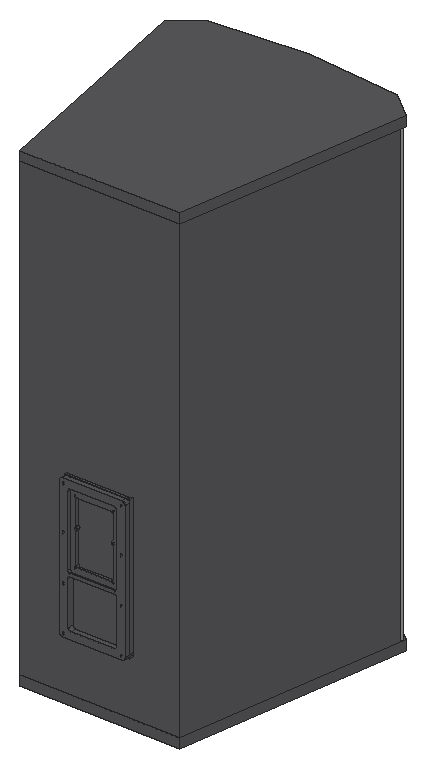
Revit family "EVC-1082-00", category Communication Devices, Revit 2017 (continued)
Definition of nested family "InputPanel_small"
  Lines and regions (mm)
    model lines
      curve 1091: line (-26.391, -4.337, 20.831) -> (-26.391, -4.337, 21.119)
      curve 1092: line (-26.391, -4.337, 21.119) -> (-24.273, -4.337, 21.119)
      curve 1093: line (-24.273, -4.337, 21.119) -> (-24.273, -4.337, 20.831)
      curve 1094: line (-24.273, -4.337, 20.831) -> (-26.391, -4.337, 20.831)
      curve 1095: line (-25.785, -4.337, 36.802) -> (-27.579, -4.337, 34.613)
      curve 1096: line (-27.579, -4.337, 34.613) -> (-27.088, -4.337, 34.281)
      curve 1097: line (-25.785, -4.337, 43.108) -> (-27.578, -4.337, 40.92)
      curve 1098: line (-27.578, -4.337, 40.92) -> (-27.087, -4.337, 40.587)
      curve 1099: line (-25.812, -4.337, 37.057) -> (-27.412, -4.337, 35.105)
      curve 1100: line (-27.412, -4.337, 35.105) -> (-27.981, -4.337, 35.105)
      curve 1101: line (-27.981, -4.337, 35.105) -> (-25.943, -4.337, 37.592)
      curve 1102: line (-25.812, -4.337, 43.363) -> (-27.411, -4.337, 41.411)
      curve 1103: line (-27.411, -4.337, 41.411) -> (-27.981, -4.337, 41.411)
      curve 1104: line (-27.981, -4.337, 41.411) -> (-25.943, -4.337, 43.898)
      curve 1105: line (-25.786, -4.337, 30.496) -> (-27.579, -4.337, 28.307)
      curve 1106: line (-27.579, -4.337, 28.307) -> (-27.088, -4.337, 27.974)
      curve 1107: line (-25.787, -4.337, 24.189) -> (-27.58, -4.337, 22.001)
      curve 1108: line (-27.58, -4.337, 22.001) -> (-27.089, -4.337, 21.668)
      curve 1109: line (-25.814, -4.337, 24.444) -> (-27.413, -4.337, 22.492)
      curve 1110: line (-27.413, -4.337, 22.492) -> (-27.983, -4.337, 22.492)
      curve 1111: line (-27.983, -4.337, 22.492) -> (-25.945, -4.337, 24.979)
      curve 1112: line (-25.813, -4.337, 30.75) -> (-27.412, -4.337, 28.798)
      curve 1113: line (-27.412, -4.337, 28.798) -> (-27.982, -4.337, 28.799)
      curve 1114: line (-27.982, -4.337, 28.799) -> (-25.944, -4.337, 31.286)
      curve 1115: line (-22.849, -4.337, 23.874) -> (-22.85, -4.337, 20.831)
      curve 1116: line (-22.85, -4.337, 20.831) -> (-17.426, -4.337, 20.83)
      curve 1117: line (-17.426, -4.337, 20.83) -> (-17.423, -4.337, 46.056)
      curve 1118: line (-17.423, -4.337, 46.056) -> (-22.846, -4.337, 46.056)
      curve 1119: line (-22.846, -4.337, 46.056) -> (-24.27, -4.337, 46.056)
      curve 1120: line (-24.27, -4.337, 46.056) -> (-21.157, -4.337, 46.184)
      curve 1121: line (-21.157, -4.337, 46.184) -> (-21.035, -4.337, 46.361)
      curve 1122: line (-24.273, -4.337, 20.831) -> (-22.85, -4.337, 20.831)
      curve 1123: line (-16.642, -4.337, 39.451) -> (-16.643, -4.337, 33.939)
      curve 1124: line (-16.643, -4.337, 33.939) -> (-12.428, -4.337, 33.939)
      curve 1125: line (-12.428, -4.337, 33.939) -> (-12.427, -4.337, 39.451)
      curve 1126: line (-12.427, -4.337, 39.451) -> (-16.642, -4.337, 39.451)
      curve 1127: line (-12.427, -4.337, 40.047) -> (-12.426, -4.337, 45.558)
      curve 1128: line (-12.426, -4.337, 45.558) -> (-16.641, -4.337, 45.559)
      curve 1129: line (-16.641, -4.337, 45.559) -> (-16.642, -4.337, 40.047)
      curve 1130: line (-16.642, -4.337, 40.047) -> (-12.427, -4.337, 40.047)
      curve 1131: line (-17.1, -4.337, 20.83) -> (-17.097, -4.337, 46.055)
      curve 1132: line (-17.097, -4.337, 46.055) -> (-11.97, -4.337, 46.055)
      curve 1133: line (-11.97, -4.337, 46.055) -> (-11.974, -4.337, 20.83)
      curve 1134: line (-11.974, -4.337, 20.83) -> (-17.1, -4.337, 20.83)
      curve 1135: line (-17.1, -4.337, 20.83) -> (-17.426, -4.337, 20.83)
      curve 1136: line (-16.644, -4.337, 26.839) -> (-16.644, -4.337, 21.327)
      curve 1137: line (-16.644, -4.337, 21.327) -> (-12.429, -4.337, 21.326)
      curve 1138: line (-12.429, -4.337, 21.326) -> (-12.428, -4.337, 26.838)
      curve 1139: line (-12.428, -4.337, 26.838) -> (-16.644, -4.337, 26.839)
      curve 1140: line (-12.428, -4.337, 27.434) -> (-12.428, -4.337, 32.946)
      curve 1141: line (-12.428, -4.337, 32.946) -> (-16.643, -4.337, 32.946)
      curve 1142: line (-16.643, -4.337, 32.946) -> (-16.644, -4.337, 27.434)
      curve 1143: line (-16.644, -4.337, 27.434) -> (-12.428, -4.337, 27.434)
      curve 1144: line (-17.097, -4.337, 46.055) -> (-17.423, -4.337, 46.056)
      curve 1145: line (-17.423, -4.337, 46.056) -> (-14.161, -4.337, 46.183)
      curve 1146: line (-14.161, -4.337, 46.183) -> (-14.039, -4.337, 46.36)
      curve 1147: line (-14.039, -4.337, 46.36) -> (-17.172, -4.337, 46.36)
      curve 1148: line (-17.172, -4.337, 46.36) -> (-17.294, -4.337, 46.183)
      curve 1149: line (-16.642, -4.337, 38.284) -> (-15.234, -4.337, 38.284)
      curve 1150: line (-15.234, -4.337, 38.284) -> (-14.908, -4.337, 38.972)
      curve 1151: line (-14.908, -4.337, 38.972) -> (-14.523, -4.337, 39.451)
      curve 1152: line (-16.644, -4.337, 25.672) -> (-15.235, -4.337, 25.671)
      curve 1153: line (-15.235, -4.337, 25.671) -> (-14.91, -4.337, 26.36)
      curve 1154: line (-14.91, -4.337, 26.36) -> (-14.525, -4.337, 26.838)
      curve 1155: line (-16.644, -4.337, 28.601) -> (-15.235, -4.337, 28.601)
      curve 1156: line (-15.235, -4.337, 28.601) -> (-14.91, -4.337, 27.913)
      curve 1157: line (-14.91, -4.337, 27.913) -> (-14.525, -4.337, 27.434)
      curve 1158: line (-16.642, -4.337, 41.214) -> (-15.234, -4.337, 41.214)
      curve 1159: line (-15.234, -4.337, 41.214) -> (-14.908, -4.337, 40.526)
      curve 1160: line (-14.908, -4.337, 40.526) -> (-14.523, -4.337, 40.047)
      curve 1161: line (-16.643, -4.337, 31.978) -> (-15.235, -4.337, 31.978)
      curve 1162: line (-15.235, -4.337, 31.978) -> (-14.909, -4.337, 32.666)
      curve 1163: line (-14.909, -4.337, 32.666) -> (-14.684, -4.337, 32.946)
      curve 1164: line (-16.642, -4.337, 44.591) -> (-15.233, -4.337, 44.59)
      curve 1165: line (-15.233, -4.337, 44.59) -> (-14.908, -4.337, 45.278)
      curve 1166: line (-14.908, -4.337, 45.278) -> (-14.682, -4.337, 45.559)
      curve 1167: line (-16.643, -4.337, 34.908) -> (-15.234, -4.337, 34.907)
      curve 1168: line (-15.234, -4.337, 34.907) -> (-14.909, -4.337, 34.219)
      curve 1169: line (-14.684, -4.337, 33.939) -> (-14.909, -4.337, 34.219)
      curve 1170: line (-14.909, -4.337, 34.219) -> (-14.908, -4.337, 38.972)
      curve 1171: line (-16.644, -4.337, 22.295) -> (-15.236, -4.337, 22.295)
      curve 1172: line (-15.236, -4.337, 22.295) -> (-14.911, -4.337, 21.607)
      curve 1173: line (-14.911, -4.337, 21.607) -> (-14.91, -4.337, 26.36)
      curve 1174: line (-14.685, -4.337, 21.327) -> (-14.911, -4.337, 21.607)
      curve 1175: line (-15.235, -4.337, 28.601) -> (-15.235, -4.337, 31.978)
      curve 1176: line (-15.234, -4.337, 41.214) -> (-15.233, -4.337, 44.59)
      curve 1177: line (-15.235, -4.337, 25.671) -> (-15.236, -4.337, 22.295)
      curve 1178: line (-15.234, -4.337, 38.284) -> (-15.234, -4.337, 34.907)
      curve 1179: line (-17.172, -4.337, 46.36) -> (-17.172, -4.337, 46.622)
      curve 1180: line (-17.172, -4.337, 46.622) -> (-14.039, -4.337, 46.621)
      curve 1181: line (-14.039, -4.337, 46.621) -> (-14.039, -4.337, 46.36)
      curve 1182: line (-17.172, -4.337, 46.622) -> (-17.753, -4.337, 46.622)
      curve 1183: line (-17.753, -4.337, 46.622) -> (-17.753, -4.337, 46.36)
      curve 1184: line (-17.753, -4.337, 46.36) -> (-17.631, -4.337, 46.183)
      curve 1185: line (-13.525, -4.337, 40.047) -> (-13.524, -4.337, 45.558)
      curve 1186: line (-13.527, -4.337, 27.434) -> (-13.526, -4.337, 32.946)
      curve 1187: line (-13.527, -4.337, 21.326) -> (-13.527, -4.337, 26.838)
      curve 1188: line (-13.526, -4.337, 33.939) -> (-13.525, -4.337, 39.451)
      curve 1189: line (-14.91, -4.337, 27.913) -> (-14.909, -4.337, 32.666)
      curve 1190: line (-14.908, -4.337, 40.526) -> (-14.908, -4.337, 45.278)
      curve 1191: line (-24.168, -4.337, 46.361) -> (-24.29, -4.337, 46.184)
      curve 1192: line (-24.168, -4.337, 46.622) -> (-24.168, -4.337, 46.361)
      curve 1193: line (-24.168, -4.337, 46.361) -> (-21.035, -4.337, 46.361)
      curve 1194: line (-21.035, -4.337, 46.361) -> (-21.035, -4.337, 46.622)
      curve 1195: line (-21.035, -4.337, 46.622) -> (-24.168, -4.337, 46.622)
      curve 1196: line (-24.168, -4.337, 46.622) -> (-24.749, -4.337, 46.623)
      curve 1197: line (-24.749, -4.337, 46.623) -> (-24.749, -4.337, 46.361)
      curve 1198: line (-24.749, -4.337, 46.361) -> (-24.627, -4.337, 46.184)
      curve 1199: line (-50.251, -4.337, 21.031) -> (-50.248, -4.337, 45.862)
      curve 1200: line (-50.193, -4.337, 45.807) -> (-50.196, -4.337, 21.086)
      curve 1201: line (-49.239, -4.337, 46.871) -> (-11.796, -4.337, 46.867)
      curve 1202: line (-11.851, -4.337, 46.812) -> (-49.184, -4.337, 46.816)
      curve 1203: line (-10.787, -4.337, 45.858) -> (-10.79, -4.337, 21.027)
      curve 1204: line (-10.79, -4.337, 21.029) -> (-10.842, -4.337, 45.803)
      curve 1205: line (-11.799, -4.337, 20.018) -> (-49.243, -4.337, 20.022)
      curve 1206: line (-49.188, -4.337, 20.077) -> (-11.854, -4.337, 20.073)
      curve 1207: line (-32.649, -4.337, 30.292) -> (-31.03, -4.337, 30.291)
      curve 1208: line (-31.03, -4.337, 30.291) -> (-30.696, -4.337, 30.291)
      curve 1209: line (-32.65, -4.337, 23.985) -> (-31.031, -4.337, 23.985)
      curve 1210: line (-31.031, -4.337, 23.985) -> (-30.698, -4.337, 23.985)
      curve 1211: line (-32.649, -4.337, 36.598) -> (-31.029, -4.337, 36.598)
      curve 1212: line (-31.029, -4.337, 36.598) -> (-30.696, -4.337, 36.598)
      curve 1213: line (-32.648, -4.337, 42.904) -> (-31.028, -4.337, 42.904)
      curve 1214: line (-31.028, -4.337, 42.904) -> (-30.695, -4.337, 42.904)
      curve 1215: line (-28.39, -4.337, 36.597) -> (-30.009, -4.337, 36.598)
      curve 1216: line (-30.009, -4.337, 36.598) -> (-30.343, -4.337, 36.598)
      curve 1217: line (-28.389, -4.337, 42.904) -> (-30.008, -4.337, 42.904)
      curve 1218: line (-30.008, -4.337, 42.904) -> (-30.341, -4.337, 42.904)
      curve 1219: line (-28.39, -4.337, 30.291) -> (-30.01, -4.337, 30.291)
      curve 1220: line (-30.01, -4.337, 30.291) -> (-30.343, -4.337, 30.291)
      curve 1221: line (-28.391, -4.337, 23.985) -> (-30.011, -4.337, 23.985)
      curve 1222: line (-30.011, -4.337, 23.985) -> (-30.344, -4.337, 23.985)
Definition of nested family "2D_CabinetLoudspeaker"
  Parameters (values of type "LoudSpeaker")
    Pan2D [instance] = 0.00°
  Reference planes
    plane 1: y = 0
    plane 2: x = 0
  Lines and regions (mm)
    Masking region 1
      outline origin (0, 0, 0) x (0, -1, 0) y (1, 0, 0)
        loop
          circle (0, 0) r 4.2
    detail lines
      curve 1: line (1.484, 2.897, 0) -> (1.484, 1.008, 0)
      curve 2: line (-1.484, 2.897, 0) -> (1.484, 2.897, 0)
      curve 3: line (-1.484, 1.008, 0) -> (-1.484, 2.897, 0)
      curve 4: line (1.484, 1.008, 0) -> (3.102, -1.911, 0)
      curve 5: line (3.102, -1.911, 0) -> (-3.102, -1.911, 0)
      curve 6: line (-3.102, -1.911, 0) -> (-1.484, 1.008, 0)
      curve 8: line (-1.484, 1.008, 0) -> (1.484, 1.008, 0)
    reference lines
      curve 7: line (0, 0, 0) -> (0, -10.967, 0)
  Dimensions and locks
    "Pan2D": angle curve 7 to plane 2
    aligned and locked: curve 8 to curve 4
    aligned and locked: curve 8 to curve 3
    aligned and locked: curve 1 to curve 8
    aligned and locked: curve 6 to curve 8
    aligned and locked: plane 2 to curve 7
    aligned and locked: plane 1 to curve 7
  Automatic sketch dimensions
    Masking region 1 sketch curve to curve 7 = 0.00 mm  (x2)
    curve 3 to curve 7 = 2.897 mm
    curve 3 to curve 7 = 1.008 mm
    curve 4 to curve 7 = 1.008 mm
    curve 7 to curve 5 = 1.911 mm
    curve 6 to curve 7 = 3.102 mm
    curve 7 to curve 2 = 1.484 mm
    curve 7 to curve 1 = 1.484 mm
    curve 7 to curve 4 = 3.102 mm
    radius of Masking region 1 sketch curve = 4.20 mm
Types (5, lengths in mm): name | ModelNumber | MaterialRALColour | LoudspeakerMaterial | GrillMaterial | CTN
  (no name) | "F.01U.329.277" | "RAL9004" | 13-plyWeather-resistantBirchEVCoat -RAL9004 | 16GA Powder-coatedGalvanneal - B | "EVC108200B"
  EVC108200B_8"_Speaker_100x100_Black | "F.01U.329.277" | "RAL9004" | 13-plyWeather-resistantBirchEVCoat -RAL9004 | 16GA Powder-coatedGalvanneal - B | "EVC108200B"
  EVC108200W_8"_Speaker_100x100_White | "F.01U.329.278" | "RAL9010" | 13-plyWeather-resistantBirchEVCoat -RAL9010 | 16GA Powder-coatedGalvanneal - W | "EVC108200W"
  EVC108200PIB_8"_Speaker_100x100_Black | "F.01U.329.279" | "RAL9004" | 13-plyWeather-resistantBirchEVCoat -RAL9004 | 16GA Powder-coatedGalvanneal - B | "EVC108200PIB"
  EVC108200PIW_8"_Speaker_100x100_White | "F.01U.329.280" | "RAL9010" | 13-plyWeather-resistantBirchEVCoat -RAL9010 | 16GA Powder-coatedGalvanneal - W | "EVC108200PIW"
